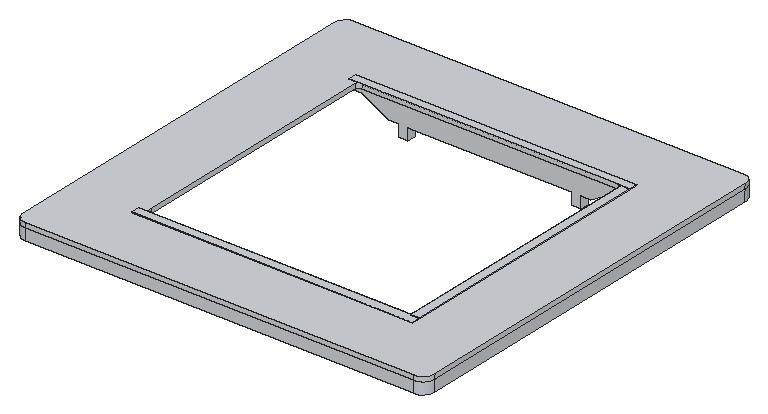
Revit family "Gira_0211095", category Electrical Fixtures, host Face, Revit 2017
Family settings
  Host = Face
  Maintain Annotation Orientation = No
  Round Connector Dimension = Use Diameter
  Part Type = Normal
  Cut with Voids When Loaded = No
  Shared = No
  Room Calculation Point = No
Parameters (values of type "Abdeckrahmen 1f flach Gira E2 Schwarz m")
  Werkstoffgüte = "Thermoplast"
  Werkstoff = "Kunststoff"
  URL = "http://katalog.gira.de/de_DE/datenblatt.html?artikelnr=0211095"
  Transparent = "No"
  Textfeld/Beschriftungsfläche = "No"
  Schutzart (IP) = "IP20"
  Region = "DE"
  Oberfläche = "sonstige"
  Name = "Abdeckrahmen 1f flach Gira E2 Schwarz m"
  Montagerichtung = "horizontal und vertikal"
  Mit Montagerahmen = "No"
  Mit Klappdeckel = "No"
  Manufacturer URL = "https://www.gira.de/"
  Keynote = "E2flach_Rahmen_1fach.stp"
  HeinzeBIM = "https://bimportal.heinze.de/bim/abdeckrahmen-1f-flach-gira-e2-schwarz-m/3ce94f59026e6c3a12e356bc989b1d3af5b51190"
  Halogenfrei = "Yes"
  HAN = "0211095"
  Geeignet für Unterputz-Installation = "Yes"
  Geeignet für Unterflurkanaldose = "No"
  Geeignet für Geräteeinbaukanal = "No"
  Geeignet für Einbauinstallation = "No"
  GTIN = "4010337036753"
  Farbe = "schwarz"
  Default Elevation = 1219.2 mm
  Data sheet (1) = "https://katalog.gira.de/de_DE/download.html?artikelnr=0211095"
  Category = "Abdeckrahmen"
  Befestigungsart = "Klemmbefestigung"
  Available = "Yes"
  Ausführung der Oberfläche = "matt"
  Anzahl der Einheiten vertikal = "1 "
  Anzahl der Einheiten horizontal = "1 "
  Anzahl der Einheiten = "1 "
Reference planes
  plane 1 "Center (Front/Back)": y = 0
  plane 2: z = 0
  plane 3 "Center (Left/Right)": x = 0
Forms (mm)
  Extrusion 1, solid, detail levels fine
    sketch origin (0, 0, 0) x (1, 0, 0) y (0, 1, 0)
      loop
        arc (-41.4, 43.9) -> (-43.168, 43.168) -> (-43.9, 41.4) r 2.5
        line (-43.9, 41.4) -> (-43.9, -41.4)
        arc (-43.9, -41.4) -> (-43.168, -43.168) -> (-41.4, -43.9) r 2.5
        line (-41.4, -43.9) -> (41.4, -43.9)
        arc (41.4, -43.9) -> (43.168, -43.168) -> (43.9, -41.4) r 2.5
        line (43.9, -41.4) -> (43.9, 41.4)
        arc (43.9, 41.4) -> (43.168, 43.168) -> (41.4, 43.9) r 2.5
        line (41.4, 43.9) -> (-41.4, 43.9)
      loop
        spline (-28.144, -27.245) -> (-28.136, -27.363) -> (-28.113, -27.478) -> (-28.075, -27.589) -> (-28.023, -27.695) -> (-27.958, -27.792) -> (-27.881, -27.881) -> (-27.792, -27.958) -> (-27.695, -28.023) -> (-27.589, -28.075) -> (-27.478, -28.113) -> (-27.363, -28.136) -> (-27.245, -28.144)
        line (-27.245, -28.144) -> (27.245, -28.144)
        spline (27.245, -28.144) -> (27.363, -28.136) -> (27.478, -28.113) -> (27.589, -28.075) -> (27.695, -28.023) -> (27.792, -27.958) -> (27.881, -27.881) -> (27.958, -27.792) -> (28.023, -27.695) -> (28.075, -27.589) -> (28.113, -27.478) -> (28.136, -27.363) -> (28.144, -27.245)
        line (28.144, -27.245) -> (28.144, 27.245)
        spline (28.144, 27.245) -> (28.136, 27.363) -> (28.113, 27.478) -> (28.075, 27.589) -> (28.023, 27.695) -> (27.958, 27.792) -> (27.881, 27.881) -> (27.792, 27.958) -> (27.695, 28.023) -> (27.589, 28.075) -> (27.478, 28.113) -> (27.363, 28.136) -> (27.245, 28.144)
        line (27.245, 28.144) -> (-27.245, 28.144)
        spline (-27.245, 28.144) -> (-27.363, 28.136) -> (-27.478, 28.113) -> (-27.589, 28.075) -> (-27.695, 28.023) -> (-27.792, 27.958) -> (-27.881, 27.881) -> (-27.958, 27.792) -> (-28.023, 27.695) -> (-28.075, 27.589) -> (-28.113, 27.478) -> (-28.136, 27.363) -> (-28.144, 27.245)
        line (-28.144, 27.245) -> (-28.144, -27.245)
    from 2.5 to 3.4
  Extrusion 2, solid, detail levels fine
    sketch origin (0, 0, 0) x (1, 0, 0) y (0, 1, 0)
      loop
        arc (-41.4, 43.9) -> (-43.168, 43.168) -> (-43.9, 41.4) r 2.5
        line (-43.9, 41.4) -> (-43.9, -41.4)
        arc (-43.9, -41.4) -> (-43.168, -43.168) -> (-41.4, -43.9) r 2.5
        line (-41.4, -43.9) -> (41.4, -43.9)
        arc (41.4, -43.9) -> (43.168, -43.168) -> (43.9, -41.4) r 2.5
        line (43.9, -41.4) -> (43.9, 41.4)
        arc (43.9, 41.4) -> (43.168, 43.168) -> (41.4, 43.9) r 2.5
        line (41.4, 43.9) -> (-41.4, 43.9)
      loop
        arc (-41.4, 43.4) -> (-42.814, 42.814) -> (-43.4, 41.4) r 2
        line (-43.4, 41.4) -> (-43.4, -41.4)
        arc (-43.4, -41.4) -> (-42.814, -42.814) -> (-41.4, -43.4) r 2
        line (-41.4, -43.4) -> (41.4, -43.4)
        arc (41.4, -43.4) -> (42.814, -42.814) -> (43.4, -41.4) r 2
        line (43.4, -41.4) -> (43.4, 41.4)
        arc (43.4, 41.4) -> (42.814, 42.814) -> (41.4, 43.4) r 2
        line (41.4, 43.4) -> (-41.4, 43.4)
    from 0 to 2.5
  Extrusion 3, solid, detail levels fine
    sketch origin (0, 0, 0) x (1, 0, 0) y (0, 0, 1)
      loop
        line (-17.5, -4.06) -> (-17.5, -1.56) -> (17.5, -1.56) -> (17.5, -4.06) -> (19.5, -4.06) -> (19.5, -1.56) -> (21.654, -1.56) -> (27.214, 1.65) -> (30, 1.65) -> (30, 3.4) -> (-30, 3.4) -> (-30, 1.65) -> (-27.214, 1.65) -> (-21.654, -1.56) -> (-19.5, -1.56) -> (-19.5, -4.06) -> (-17.5, -4.06)
    from 28.144 to 30
  Extrusion 4, solid, detail levels fine
    sketch origin (0, 0, 0) x (0, -1, 0) y (0, 0, -1)
      loop
        line (-17.5, 4.06) -> (-19.5, 4.06) -> (-19.5, 1.56) -> (-21.654, 1.56) -> (-27.214, -1.65) -> (-28.144, -1.65) -> (-28.144, -3.4) -> (28.144, -3.4) -> (28.144, -1.65) -> (27.214, -1.65) -> (21.654, 1.56) -> (19.5, 1.56) -> (19.5, 4.06) -> (17.5, 4.06) -> (17.5, 1.56) -> (-17.5, 1.56) -> (-17.5, 4.06)
    from 28.144 to 30
  Extrusion 5, solid, detail levels medium
    sketch origin (0, 0, 0) x (0, -1, 0) y (0, 0, 1)
      loop
        line (-17.5, -4.06) -> (-17.5, -1.56) -> (17.5, -1.56) -> (17.5, -4.06) -> (19.5, -4.06) -> (19.5, -1.56) -> (28.144, -1.56) -> (28.144, 3.4) -> (-28.144, 3.4) -> (-28.144, -1.56) -> (-19.5, -1.56) -> (-19.5, -4.06) -> (-17.5, -4.06)
    from 28.144 to 30
  Extrusion 6, solid, detail levels fine
    sketch origin (0, 0, 0) x (1, 0, 0) y (0, 0, -1)
      loop
        line (-17.5, 4.06) -> (-19.5, 4.06) -> (-19.5, 1.56) -> (-21.654, 1.56) -> (-27.214, -1.65) -> (-30, -1.65) -> (-30, -3.4) -> (30, -3.4) -> (30, -1.65) -> (27.214, -1.65) -> (21.654, 1.56) -> (19.5, 1.56) -> (19.5, 4.06) -> (17.5, 4.06) -> (17.5, 1.56) -> (-17.5, 1.56) -> (-17.5, 4.06)
    from 28.144 to 30
  Extrusion 7, solid, detail levels coarse
    sketch origin (0, 0, 0) x (1, 0, 0) y (0, 1, 0)
      loop
        line (-43.9, 43.9) -> (-43.9, -43.9) -> (43.9, -43.9) -> (43.9, 43.9) -> (-43.9, 43.9)
    from -4.06 to 3.4
  Extrusion 8, solid, detail levels medium
    sketch origin (0, 0, 0) x (1, 0, 0) y (0, 1, 0)
      loop
        line (-43.9, 43.9) -> (-43.9, -43.9) -> (43.9, -43.9) -> (43.9, 43.9) -> (-43.9, 43.9)
    from 0 to 3.4
  Extrusion 9, solid, detail levels medium
    sketch origin (0, 0, 0) x (1, 0, 0) y (0, 0, 1)
      loop
        line (-17.5, -4.06) -> (-17.5, -1.56) -> (17.5, -1.56) -> (17.5, -4.06) -> (19.5, -4.06) -> (19.5, -1.56) -> (30, -1.56) -> (30, 3.4) -> (-30, 3.4) -> (-30, -1.56) -> (-19.5, -1.56) -> (-19.5, -4.06) -> (-17.5, -4.06)
    from 28.144 to 30
  Extrusion 10, solid, detail levels medium
    sketch origin (0, 0, 0) x (1, 0, 0) y (0, 0, -1)
      loop
        line (-17.5, 4.06) -> (-19.5, 4.06) -> (-19.5, 1.56) -> (-30, 1.56) -> (-30, -3.4) -> (30, -3.4) -> (30, 1.56) -> (19.5, 1.56) -> (19.5, 4.06) -> (17.5, 4.06) -> (17.5, 1.56) -> (-17.5, 1.56) -> (-17.5, 4.06)
    from 28.144 to 30
  Extrusion 11, solid, detail levels medium
    sketch origin (0, 0, 0) x (0, -1, 0) y (0, 0, -1)
      loop
        line (-17.5, 4.06) -> (-19.5, 4.06) -> (-19.5, 1.56) -> (-28.144, 1.56) -> (-28.144, -3.4) -> (28.144, -3.4) -> (28.144, 1.56) -> (19.5, 1.56) -> (19.5, 4.06) -> (17.5, 4.06) -> (17.5, 1.56) -> (-17.5, 1.56) -> (-17.5, 4.06)
    from 28.144 to 30
Dimensions and locks
  aligned and locked: plane 2 to host face
  aligned and locked: level to host face
